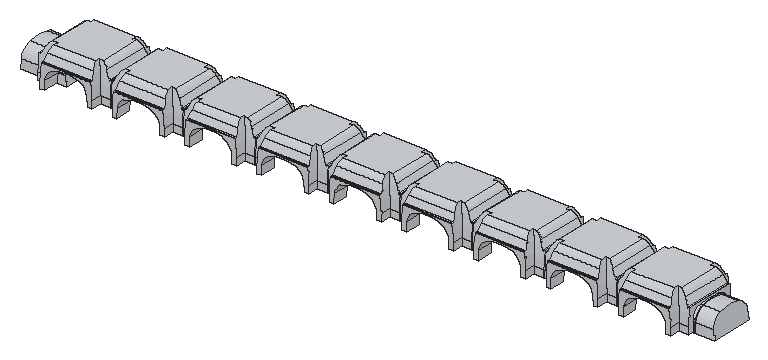
Revit family "LineaSingola_Assieme Modulblock H13-40", category Modelli generici, Revit 2016
Family settings
  Tipo di parte = Normale
  Può ospitare armatura = No
  Quota connettore circolare = Usa diametro
  Basato su piano di lavoro = No
  Sempre verticale = Sì
  Taglio con vuoti quando caricato = No
  Condiviso = Sì
  Punto di calcolo locali = No
Parameters (values of type "MODULO H25")
  Tipo_modulo = Modulo H13-H40 : EMODULO5025 - MODULO H25
  Tipo_geoblock = Geoblock Modulo H13-H70 : EMOGBLO0025 - GEOBLOCK MODULO H25
  Tipo_fermagetto = Fermagetto_Modulo : EMOFGET0025 - FERMAGETTO MODULO H25
  Scritta_MODULO [instance] = yes
  Partenza_Larghezza [instance] = if(and(Geoblock_dx, Arrivo_Larghezza > L_geoblock), ((Larghezza_Area - (N_moduli_Larghezza * L_modulo)) / 2), 0 mm)  # 150 mm
  N_moduli_Larghezza [instance] = rounddown(Larghezza_Area / L_modulo)  # 9
  Mezzo_modulo [instance] = L_modulo / 2  # 250 mm
  Larghezza_Area [instance] = 4800 mm
  L_solo_moduli [instance] = L_modulo * N_moduli_Larghezza  # 4500 mm
  L_modulo = 500 mm  # constant formula
  L_geoblock = 262 mm  # constant formula
  H_modulo = 500 mm
  Geoblock_sup [instance] = yes
  Geoblock_partenza_Larghezza [instance] = if(or(not(Geoblock_dx), Partenza_Larghezza = 0 mm), 1 > 2, 1 < 2)  # yes
  Geoblock_inf [instance] = yes
  Geoblock_sx [instance] = yes
  Geoblock_dx [instance] = yes
  Fermagetto_sx [instance] = yes
  Fermagetto_sup [instance] = yes
  Fermagetto_inf [instance] = yes
  Fermagetto_dx [instance] = yes
  Arrivo_Larghezza [instance] = Larghezza_Area - (L_modulo * N_moduli_Larghezza)  # 300 mm
Reference planes
  plane 1 "Centro (Fronte/Retro)": y = 0
  plane 2: z = 0
  plane 3 "Centro (Sinistra/Destra)": x = -300
  plane 4 "Origine Destra": x = 2100
  plane 5 "Origine Superiore": y = 250
  plane 6: y = -250
  plane 7: x = -2550
  plane 8: x = 1950
  plane 9: y = -90
  plane 10: x = 1950
  plane 11: x = 1700
  plane 12: x = 1940
  plane 13: x = -2700
  plane 14: x = -2540
  plane 15: x = 1200
Dimensions and locks
  equal spacing: plane 5 "Origine Superiore", plane 1 "Centro (Fronte/Retro)", plane 6
  "L_modulo": plane 5 "Origine Superiore" to plane 6
  "Partenza_Larghezza": plane 8 to plane 4 "Origine Destra"
  "L_solo_moduli": plane 7 to plane 10
  "Partenza_Larghezza": plane 10 to plane 4 "Origine Destra"
  "Mezzo_modulo": plane 11 to plane 10
  equal spacing: plane 7, plane 3 "Centro (Sinistra/Destra)", plane 10
  locked: plane 12 to plane 4 "Origine Destra" at 160
  "Larghezza_Area": plane 13 to plane 4 "Origine Destra"
  locked: plane 13 to plane 14 at 160
  equal spacing: group 10, group 9, group 8, group 7, group 6, group 5, group 4, group 3, group 2
  equal spacing: group 2, group 3, group 4, group 5, group 6, group 7, group 8, group 9, group 10  (x2)
  "L_modulo": plane 15 to plane 11
  aligned and locked: level to plane 2
  aligned and locked: plane 1 "Centro (Fronte/Retro)" to nested 2
  aligned and locked: plane 1 "Centro (Fronte/Retro)" to nested 4
  aligned and locked: nested 5 to plane 1 "Centro (Fronte/Retro)"
  aligned and locked: nested 3 to plane 1 "Centro (Fronte/Retro)"
  aligned and locked: plane 1 "Centro (Fronte/Retro)" to nested 6
  aligned and locked: nested 2 to plane 11
  aligned and locked: plane 7 to nested 6
  aligned and locked: plane 12 to nested 4
  aligned and locked: plane 10 to nested 5
  aligned and locked: plane 14 to nested 3
  aligned and locked: plane 1 "Centro (Fronte/Retro)" to nested 7
  aligned and locked: nested 7 to plane 15
Nested families
  nested 1: "Modulo H13-H40" at (-1750, -1750, 0), type <- "Tipo_modulo", type "EMODULO5025 - MODULO H25", not visible
  nested 2: "Modulo H13-H40" at (1700, 0, 0), type <- "Tipo_modulo", Scritta_MODULO <- "Scritta_MODULO", type "EMODULO5025 - MODULO H25"
  nested 3: "Geoblock Modulo H13-H70" at (-2540, 0, 0), type <- "Tipo_geoblock", visible <- "Geoblock_sx", type "EMOGBLO0025 - GEOBLOCK MODULO H25"
    with Ingombro_Geoblock 0 mm, Consumo_CLS 0.00 m³
  nested 4: "Geoblock Modulo H13-H70" at (1940, 0, 0), type <- "Tipo_geoblock", visible <- "Geoblock_partenza_Larghezza", type "EMOGBLO0025 - GEOBLOCK MODULO H25"
    with Ingombro_Geoblock 0 mm, Consumo_CLS 0.00 m³
  nested 5: "Fermagetto_Modulo" at (1950, 0, 0) x (0, 1, 0) z (0, 0, 1), type <- "Tipo_fermagetto", visible <- "Fermagetto_dx", type "EMOFGET0025 - FERMAGETTO MODULO H25"
  nested 6: "Fermagetto_Modulo" at (-2550, 0, 0) x (0, 1, 0) z (0, 0, 1), type <- "Tipo_fermagetto", visible <- "Fermagetto_sx", type "EMOFGET0025 - FERMAGETTO MODULO H25"
  nested 7: "Modulo H13-H40" at (1200, 0, 0), type <- "Tipo_modulo", Scritta_MODULO <- "Scritta_MODULO", type "EMODULO5025 - MODULO H25"
    with Scritta_MODULO yes
  nested 8: "Modulo H13-H40" at (700, 0, 0), type <- "Tipo_modulo", Scritta_MODULO <- "Scritta_MODULO", type "EMODULO5025 - MODULO H25"
    with Scritta_MODULO yes
  nested 9: "Modulo H13-H40" at (200, 0, 0), type <- "Tipo_modulo", Scritta_MODULO <- "Scritta_MODULO", type "EMODULO5025 - MODULO H25"
    with Scritta_MODULO yes
  nested 10: "Modulo H13-H40" at (-300, 0, 0), type <- "Tipo_modulo", Scritta_MODULO <- "Scritta_MODULO", type "EMODULO5025 - MODULO H25"
    with Scritta_MODULO yes
  nested 11: "Modulo H13-H40" at (-800, 0, 0), type <- "Tipo_modulo", Scritta_MODULO <- "Scritta_MODULO", type "EMODULO5025 - MODULO H25"
    with Scritta_MODULO yes
  nested 12: "Modulo H13-H40" at (-1300, 0, 0), type <- "Tipo_modulo", Scritta_MODULO <- "Scritta_MODULO", type "EMODULO5025 - MODULO H25"
    with Scritta_MODULO yes
  nested 13: "Modulo H13-H40" at (-1800, 0, 0), type <- "Tipo_modulo", Scritta_MODULO <- "Scritta_MODULO", type "EMODULO5025 - MODULO H25"
    with Scritta_MODULO yes
  nested 14: "Modulo H13-H40" at (-2300, 0, 0), type <- "Tipo_modulo", Scritta_MODULO <- "Scritta_MODULO", type "EMODULO5025 - MODULO H25"
    with Scritta_MODULO yes
Definition of nested family "Modulo H13-H40"
  Parameters (values of type "EMODULO5040 - MODULO H40")
    Scritta_MODULO [instance] = yes
    Peso = 1.71 kg
    Nome_etichetta = ""
    L_modulo = 500 mm  # constant formula
    L2_imballo = 107 mm
    L1_imballo = 107 mm
    H_modulo = 400 mm
    H_imballo = 230 mm
    Dettagli_basso = Dettaglio Basso modulblock H40 : EMODULO5040 - MODULO H40
    Dettagli_alto = Modulblock H40 : Modulblock H40
    Descrizione_listino = ""
    Consumo_CLS = 0.056 m³
    Codice = "EMODULO5040"
    Annotazione_etichetta = Annotazione_Testo_Modulo : H 40
  Types (9, lengths in mm): name | Peso | L2_imballo | L1_imballo | H_modulo | H_imballo | Dettagli_basso | Dettagli_alto | Consumo_CLS | Codice | Annotazione_etichetta
    EMODULO5013 - MODULO H13 | 1.12 kg | 102 | 102 | 130 | 235 | Dettaglio Basso modulblock H13 : EMODULO5013 - MODULO H13 | Modulblock H13 : Modulblock H13 | 0.028 m³ | "EMODULO5013" | Annotazione_Testo_Modulo : H 13
    EMODULO5015 - MODULO H15 | 1.08 kg | 102 | 102 | 150 | 240 | Dettaglio Basso modulblock H15 : EMODULO5015 - MODULO H15 | Modulblock H15 : Modulblock H15 | 0.03 m³ | "EMODULO5015" | Annotazione_Testo_Modulo : H 15
    EMODULO5017 - MODULO H17 | 1.30 kg | 102 | 102 | 170 | 235 | Dettaglio Basso modulblock H17 : EMODULO5017 - MODULO H17 | Modulblock H17 : Modulblock H17 | 0.035 m³ | "EMODULO5017" | Annotazione_Testo_Modulo : H 17
    EMODULO5020 - MODULO H20 | 1.32 kg | 102 | 102 | 200 | 240 | Dettaglio Basso modulblock H20 : EMODULO5020 - MODULO H20 | Modulblock H20 : Modulblock H20 | 0.037 m³ | "EMODULO5020" | Annotazione_Testo_Modulo : H 20
    EMODULO5025 - MODULO H25 | 1.34 kg | 102 | 102 | 250 | 235 | Dettaglio Basso modulblock H25 : EMODULO5025 - MODULO H25 | Modulblock H25 : Modulblock H25 | 0.038 m³ | "EMODULO5025" | Annotazione_Testo_Modulo : H 25
    EMODULO5027 - MODULO H27 | 1.38 kg | 102 | 102 | 270 | 235 | Dettaglio Basso modulblock H27 : EMODULO5027 - MODULO H27 | Modulblock H27 : Modulblock H27 | 0.04 m³ | "EMODULO5027" | Annotazione_Testo_Modulo : H 27
    EMODULO5030 - MODULO H30 | 1.49 kg | 102 | 102 | 300 | 240 | Dettaglio Basso modulblock H30 : EMODULO5030 - MODULO H30 | Modulblock H30 : Modulblock H30 | 0.044 m³ | "EMODULO5030" | Annotazione_Testo_Modulo : H 30
    EMODULO5035 - MODULO H35 | 1.54 kg | 107 | 107 | 350 | 230 | Dettaglio Basso modulblock H35 : EMODULO5035 - MODULO H35 | Modulblock H35 : Modulblock H35 | 0.052 m³ | "EMODULO5035" | Annotazione_Testo_Modulo : H 35
    EMODULO5040 - MODULO H40 | 1.71 kg | 107 | 107 | 400 | 230 | Dettaglio Basso modulblock H40 : EMODULO5040 - MODULO H40 | Modulblock H40 : Modulblock H40 | 0.056 m³ | "EMODULO5040" | Annotazione_Testo_Modulo : H 40
  Reference planes
    plane 1 "Centro (Fronte/Retro)": y = 0
    plane 2: z = 0
    plane 3 "Centro (Sinistra/Destra)": x = 0
    plane 4: x = -250
    plane 5: y = 250
    plane 6: x = 250
    plane 7: y = -250
    plane 8 "Top": z = 400
    plane 9: z = 215
    plane 10: x = -145
    plane 11: x = 145
    plane 12: z = 310
    plane 13: x = -73
    plane 14: x = 73
    plane 15: z = 295
    plane 16: x = -163
    plane 17: x = 163
    plane 18: y = -145
    plane 19: y = -73
    plane 20: y = 73
    plane 21: y = 145
    plane 22: y = -163
    plane 23: y = 163
    plane 24: through (-250, -250, 941.098) normal (0.7071, 0.7071, 0)
    plane 25: through (-952.286, 593.708, 1200) normal (0.7071, 0.7071, 0)
    plane 26: through (-143.776, -143.776, 898.609) normal (0.7071, 0.7071, 0)
    plane 27: z = 200
    plane 28: z = -400
    plane 29: through (-143.776, 143.776, 898.609) normal (0.7071, -0.7071, 0)
    plane 30: through (143.776, 143.776, 898.609) normal (-0.7071, -0.7071, 0)
    plane 31: through (143.776, -143.776, 898.609) normal (-0.7071, 0.7071, 0)
  Forms (mm)
    Extrusion 1, solid, detail levels medium+fine
      sketch origin (0, 0, 0) x (1, 0, 0) y (0, 1, 0)
        loop
          line (-250, 250) -> (-250, -250) -> (250, -250) -> (250, 250) -> (-250, 250)
      from 0 to 400
    Sweep 2, void
      path origin (0, 0, 400) x (-1, 0, 0) y (0, -1, 0)
        loop
          line (250, -250) -> (250, 250) -> (-250, 250) -> (-250, -250) -> (250, -250)
      profile origin (-250, 0, 400) x (-1, 0, 0) y (0, 0, 1)
        loop
          arc (-75.376, 0) -> (-54.376, -16.973) -> (-39.161, -39.279) r 92.672
          line (-39.161, -39.279) -> (-16.324, -86.021)
          arc (-16.324, -86.021) -> (-13.708, -88.924) -> (-9.952, -90) r 7.092
          line (-9.952, -90) -> (0, -90) -> (0, 0) -> (-75.376, 0)
    Extrusion 3, void
      sketch origin (0, 0, 0) x (1, 0, 0) y (0, 0, 1)
        loop
          line (-145, 215) -> (-163, -400) -> (163, -400) -> (145, 215)
          arc (145, 215) -> (116.112, 261.401) -> (73, 295) r 156.111
          arc (73, 295) -> (0, 304.051) -> (-73, 295) r 298.926
          arc (-73, 295) -> (-116.744, 261.969) -> (-145, 215) r 144.202
      from -250 to 250
    Extrusion 4, void
      sketch origin (0, 0, 0) x (0, 1, 0) y (0, 0, 1)
        loop
          line (-145, 215) -> (-163, -400) -> (163, -400) -> (145, 215)
          arc (145, 215) -> (124.035, 268.531) -> (73, 295) r 81.701
          arc (73, 295) -> (0, 304.051) -> (-73, 295) r 298.926
          arc (-73, 295) -> (-123.216, 267.794) -> (-145, 215) r 85.274
      from -250 to 250
    Sweep 5, void
      path origin (634.809, 634.809, 700) x (-0.707107, -0.707107, 0) y (0, 0, 1)
        loop
          arc (1101.086, -300) -> (1138.562, -396.895) -> (1151.309, -500) r 423.333
          line (1151.309, -500) -> (1151.309, -750)
      profile origin (-179.289, -179.289, 75) x (-0.707107, 0.707107, 0) y (-0.707107, -0.707107, 0)
        loop
          line (0, 0) -> (141.421, 141.421) -> (0, 282.843) -> (-141.421, 141.421) -> (0, 0)
    Sweep 6, void
      path origin (634.809, -634.809, 700) x (-0.707107, 0.707107, 0) y (0, 0, 1)
        loop
          arc (1101.086, -300) -> (1138.562, -396.895) -> (1151.309, -500) r 423.333
          line (1151.309, -500) -> (1151.309, -750)
      profile origin (-179.289, 179.289, 75) x (0.707107, 0.707107, 0) y (-0.707107, 0.707107, 0)
        loop
          line (0, 0) -> (141.421, 141.421) -> (0, 282.843) -> (-141.421, 141.421) -> (0, 0)
    Sweep 7, void
      path origin (-634.809, -634.809, 700) x (0.707107, 0.707107, 0) y (0, 0, 1)
        loop
          arc (1101.086, -300) -> (1138.562, -396.895) -> (1151.309, -500) r 423.333
          line (1151.309, -500) -> (1151.309, -750)
      profile origin (179.289, 179.289, 75) x (0.707107, -0.707107, 0) y (0.707107, 0.707107, 0)
        loop
          line (0, 0) -> (141.421, 141.421) -> (0, 282.843) -> (-141.421, 141.421) -> (0, 0)
    Sweep 8, void
      path origin (-634.809, 634.809, 700) x (0.707107, -0.707107, 0) y (0, 0, 1)
        loop
          arc (1101.086, -300) -> (1138.562, -396.895) -> (1151.309, -500) r 423.333
          line (1151.309, -500) -> (1151.309, -750)
      profile origin (179.289, -179.289, 75) x (-0.707107, -0.707107, 0) y (0.707107, -0.707107, 0)
        loop
          line (0, 0) -> (141.421, 141.421) -> (0, 282.843) -> (-141.421, 141.421) -> (0, 0)
    Extrusion 9, solid, detail levels coarse
      sketch origin (0, 0, 400) x (-1, 0, 0) y (0, -1, 0)
        loop
          line (250, -250) -> (250, 250) -> (-250, 250) -> (-250, -250) -> (250, -250)
      from -400 to 0
  Cuts and joins
    Sweep 2, Extrusion 3, Extrusion 4, Sweep 5, Sweep 6, Sweep 7, Sweep 8 cuts Extrusion 1
  Lines and regions (mm)
    reference lines
      curve 1: line (250, 250, 400) -> (-250, -250, 400)
    model lines
      curve 2: line (0, 0, -180) -> (0, 0, 520)
  Dimensions and locks
    equal spacing: plane 5, plane 1 "Centro (Fronte/Retro)", plane 7
    equal spacing: plane 4, plane 3 "Centro (Sinistra/Destra)", plane 6
    "H_modulo": plane 8 "Top" to level
    "L_modulo": plane 5 to plane 7
    "L_modulo": plane 4 to plane 6
    locked: plane 8 "Top" to plane 9 at 185
    plane 11 to plane 3 "Centro (Sinistra/Destra)" to plane 10 = 145 mm locked, 145 mm locked
    locked: plane 12 to plane 9 at 95
    locked: plane 13 to plane 10 at 72
    locked: plane 11 to plane 14 at 72
    locked: plane 15 to plane 9 at 80
    locked: plane 16 to plane 4 at 87
    locked: plane 6 to plane 17 at 87
    plane 18 to plane 1 "Centro (Fronte/Retro)" to plane 21 = 145 mm locked, 145 mm locked
    locked: plane 20 to plane 21 at 72
    locked: plane 18 to plane 19 at 72
    locked: plane 7 to plane 22 at 87
    locked: plane 23 to plane 5 at 87
    locked: plane 25 to plane 24 at 100
    locked: plane 8 "Top" to plane 27 at 200
    locked: Sweep 5 sketch curve to Sweep 5 sketch curve at 250
    locked: plane 12 to plane 28 at 710
    locked: Sweep 6 sketch curve to Sweep 6 sketch curve at 250
    locked: Sweep 7 sketch curve to Sweep 7 sketch curve at 250
    locked: Sweep 8 sketch curve to Sweep 8 sketch curve at 250
    radius of Extrusion 3 sketch curve = 298.926 mm
    radius of Extrusion 4 sketch curve = 298.926 mm
    aligned and locked: level to plane 2
    aligned and locked: Extrusion 1 sketch curve to plane 5
    aligned and locked: plane 4 to Extrusion 1 sketch curve
    aligned and locked: plane 7 to Extrusion 1 sketch curve
    aligned and locked: Extrusion 1 sketch curve to plane 6
    aligned and locked: Extrusion 1 to level
    aligned and locked: plane 8 "Top" to Extrusion 1
    aligned and locked: plane 4 to Sweep 2 sketch curve
    aligned and locked: Sweep 2 sketch curve to plane 6
    aligned and locked: Sweep 2 sketch curve to plane 5
    aligned and locked: plane 7 to Sweep 2 sketch curve
    aligned and locked: plane 10 to Extrusion 3 sketch curve
    aligned and locked: plane 9 to Extrusion 3 sketch curve  (x2)
    aligned and locked: plane 11 to Extrusion 3 sketch curve
    aligned and locked: Extrusion 3 sketch curve to plane 14
    aligned and locked: plane 15 to Extrusion 3 sketch curve  (x2)
    aligned and locked: plane 13 to Extrusion 3 sketch curve
    aligned and locked: plane 5 to Extrusion 3
    aligned and locked: Extrusion 3 to plane 7
    aligned and locked: Extrusion 4 sketch curve to plane 18
    aligned and locked: plane 9 to Extrusion 4 sketch curve  (x2)
    aligned and locked: Extrusion 4 sketch curve to plane 19
    aligned and locked: plane 15 to Extrusion 4 sketch curve  (x2)
    aligned and locked: Extrusion 4 sketch curve to plane 20
    aligned and locked: Extrusion 4 sketch curve to plane 21
    aligned and locked: Extrusion 4 to plane 4
    aligned and locked: plane 6 to Extrusion 4
    aligned and locked: plane 6 to curve 1
    aligned and locked: plane 5 to curve 1
    aligned and locked: plane 28 to Extrusion 3 sketch curve  (x2)
    aligned and locked: plane 16 to Extrusion 3 sketch curve
    aligned and locked: plane 17 to Extrusion 3 sketch curve
    aligned and locked: plane 23 to Extrusion 4 sketch curve
    aligned and locked: plane 22 to Extrusion 4 sketch curve
    aligned and locked: Extrusion 4 sketch curve to plane 28
    aligned and locked: plane 4 to curve 1
    aligned and locked: plane 24 to curve 1
    aligned and locked: plane 27 to Sweep 6 sketch curve
    aligned and locked: plane 27 to Sweep 8 sketch curve
    aligned and locked: plane 27 to Sweep 7 sketch curve
    aligned and locked: plane 3 "Centro (Sinistra/Destra)" to nested 1
    aligned and locked: plane 22 to nested 1
    aligned and locked: plane 3 "Centro (Sinistra/Destra)" to nested 2
    aligned and locked: plane 1 "Centro (Fronte/Retro)" to nested 2
    aligned and locked: Extrusion 9 to level
    aligned and locked: plane 8 "Top" to Extrusion 9
    aligned and locked: Extrusion 9 to plane 4
    aligned and locked: plane 6 to Extrusion 9
    aligned and locked: plane 5 to Extrusion 9
    aligned and locked: Extrusion 9 to plane 7
    aligned and locked: plane 3 "Centro (Sinistra/Destra)" to nested 3
    aligned and locked: plane 3 "Centro (Sinistra/Destra)" to nested 4
    aligned and locked: nested 4 to level
    aligned and locked: nested 3 to plane 8 "Top"
    aligned and locked: nested 6 to plane 1 "Centro (Fronte/Retro)"
    aligned and locked: nested 5 to plane 1 "Centro (Fronte/Retro)"
    aligned and locked: nested 5 to level
    aligned and locked: nested 6 to plane 8 "Top"
    aligned and locked: plane 1 "Centro (Fronte/Retro)" to nested 7
    aligned and locked: plane 3 "Centro (Sinistra/Destra)" to nested 7
  Automatic sketch dimensions
    Sweep 2 sketch curve to plane 8 "Top" = 0 mm
    Sweep 2 sketch curve to profile plane = 0 mm
    Sweep 2 sketch curve to Sweep 2 sketch curve = 9.952 mm
    Sweep 2 sketch curve to Sweep 2 sketch curve = 6.372 mm
    profile plane to Sweep 2 sketch curve = 39.161 mm
    Sweep 2 sketch curve to Sweep 2 sketch curve = 83.348 mm
    Sweep 2 sketch curve to plane 8 "Top" = 39.279 mm
    Sweep 2 sketch curve to plane 8 "Top" = 79.791 mm
    Sweep 2 sketch curve to Sweep 2 sketch curve = 43.629 mm
    Sweep 2 sketch curve to Sweep 2 sketch curve = 3.113 mm
    Sweep 5 sketch curve to profile plane = 0 mm  (x8)
    Sweep 5 sketch curve to profile plane = 141.421 mm  (x6)
    profile plane to Sweep 5 sketch curve = 0 mm
    curve 2 to plane 3 "Centro (Sinistra/Destra)" = 0 mm
    curve 2 to level = 180 mm
    plane 8 "Top" to curve 2 = 120 mm
    plane 13 to Extrusion 3 sketch curve = 0 mm
    plane 14 to Extrusion 3 sketch curve = 0 mm
    Extrusion 4 sketch curve to plane 15 = 0 mm  (x2)
    Sweep 5 sketch curve to plane 26 = 0 mm
    plane 26 to Sweep 5 sketch curve = 373.11 mm
    Sweep 5 sketch curve to plane 26 = 50.223 mm
    Sweep 6 sketch curve to profile plane = 0 mm  (x3)
    Sweep 6 sketch curve to profile plane = 141.421 mm  (x2)
    Sweep 6 sketch curve to plane 29 = 0 mm
    plane 29 to Sweep 6 sketch curve = 373.11 mm
    Sweep 6 sketch curve to plane 29 = 50.223 mm
    Sweep 7 sketch curve to profile plane = 0 mm  (x3)
    Sweep 7 sketch curve to profile plane = 141.421 mm  (x2)
    Sweep 7 sketch curve to plane 30 = 0 mm
    plane 30 to Sweep 7 sketch curve = 373.11 mm
    Sweep 7 sketch curve to plane 30 = 50.223 mm
    Sweep 8 sketch curve to profile plane = 0 mm  (x3)
    Sweep 8 sketch curve to profile plane = 141.421 mm  (x2)
    Sweep 8 sketch curve to plane 31 = 0 mm
    plane 31 to Sweep 8 sketch curve = 373.11 mm
    Sweep 8 sketch curve to plane 31 = 50.223 mm
    plane 27 to Sweep 5 sketch curve = 0 mm
    plane 6 to Extrusion 9 sketch curve = 0 mm
    Extrusion 9 sketch curve to plane 4 = 0 mm
    plane 5 to Extrusion 9 sketch curve = 0 mm
    Extrusion 9 sketch curve to plane 7 = 0 mm
  Nested families
    nested 1: "Annotazione_Testo_Modulo" at (0, -163, 0), type <- "Annotazione_etichetta", visible <- "Scritta_MODULO", type "H 40", detail levels coarse
    nested 2: "Dettaglio_basso_pianta" at (0, 0, 400), type "Dettaglio_basso_pianta", detail levels coarse
    nested 3: "Dettaglio Basso modulblock H40" at (0, 0, 400) x (1, 0, 0) z (0, -1, 0), type <- "Dettagli_basso", type "EMODULO5040 - MODULO H40", not visible, detail levels coarse
    nested 4: "Modulblock H40" at (0, 0, 0) x (1, 0, 0) z (0, -1, 0), type <- "Dettagli_alto", type "Modulblock H40", detail levels medium+fine
    nested 5: "Modulblock H40" at (0, 0, 0) x (0, 1, 0) z (1, 0, 0), type <- "Dettagli_alto", type "Modulblock H40", not visible, detail levels medium+fine
    nested 6: "Dettaglio Basso modulblock H40" at (0, 0, 400) x (0, 1, 0) z (1, 0, 0), type <- "Dettagli_basso", type "EMODULO5040 - MODULO H40", not visible, detail levels coarse
    nested 7: "Pianta Modulblock H40 - H13" at (0, 0, 400), type "Pianta Modulblock H40 - H13", detail levels medium+fine
  Definition of nested family "Annotazione_Testo_Modulo"
    Parameters (values of type "H 40")
      Descrizione_etichetta = "Modulo H40"
    Types (10, lengths in mm): name | Descrizione_etichetta
      (no name) | "Modulo H40"
      H 13 | "Modulo H13"
      H 15 | "Modulo H15"
      H 17 | "Modulo H17"
      H 20 | "Modulo H20"
      H 25 | "Modulo H25"
      H 27 | "Modulo H27"
      H 30 | "Modulo H30"
      H 35 | "Modulo H35"
      H 40 | "Modulo H40"
    Reference planes
      plane 1: y = 0
      plane 2: x = 0
    Text (mm)
      label "Descrizione_etichetta" at (0, -1.213, 0), shows "Descrizione_etichetta"
  Definition of nested family "Dettaglio_basso_pianta"
    Parameters (values of type "Dettaglio_basso_pianta")
      L_modulo = 500 mm
    Reference planes
      plane 1 "Centro (Fronte/Retro)": y = 0
      plane 2: z = 0
      plane 3 "Centro (Sinistra/Destra)": x = 0
      plane 4: x = -250
      plane 5: x = 250
      plane 6: y = 250
      plane 7: y = -250
      plane 8: y = 150
      plane 9: y = -150
      plane 10: x = -150
      plane 11: x = 150
    Lines and regions (mm)
      detail lines, in view "Livello rif."
        curve 1: line (-250, 250, 0) -> (250, 250, 0)
        curve 2: line (-250, -250, 0) -> (-250, 250, 0)
        curve 3: line (250, -250, 0) -> (-250, -250, 0)
        curve 4: line (250, 250, 0) -> (250, -250, 0)
        curve 5: line (-150, 150, 0) -> (150, -150, 0)
        curve 6: line (150, 150, 0) -> (-150, -150, 0)
    Text (mm)
      text "Modulo H13" at (-108.715, -113.258, 0), in view "Livello rif."
    Dimensions and locks
      equal spacing: plane 6, plane 1 "Centro (Fronte/Retro)", plane 7
      equal spacing: plane 4, plane 3 "Centro (Sinistra/Destra)", plane 5
      "L_modulo": plane 6 to plane 7
      "L_modulo": plane 4 to plane 5
      locked: plane 6 to plane 8 at 100
      locked: plane 9 to plane 7 at 100
      locked: plane 11 to plane 5 at 100
      locked: plane 4 to plane 10 at 100
      aligned and locked: curve 1 to plane 6
      aligned and locked: plane 4 to curve 2
      aligned and locked: plane 7 to curve 3
      aligned and locked: curve 4 to plane 5
      aligned and locked: plane 9 to curve 6
      aligned and locked: plane 10 to curve 6
      aligned and locked: plane 10 to curve 5
      aligned and locked: plane 8 to curve 5
      aligned and locked: plane 8 to curve 6
      aligned and locked: plane 11 to curve 6
      aligned and locked: plane 11 to curve 5
      aligned and locked: plane 9 to curve 5
  Definition of nested family "Dettaglio Basso modulblock H40"
    Reference planes
      plane 1 "Centro (Fronte/Retro)": y = 0
      plane 2: z = 0
      plane 3 "Centro (Sinistra/Destra)": x = 0
    Lines and regions (mm)
      detail lines, in view "Livello rif."
        curve 1: line (250.197, -53.042, 0) -> (250.197, 0, 0)
        curve 2: line (-250.197, -53.042, 0) -> (-250.197, 0, 0)
        curve 3: line (-250.197, 0, 0) -> (250.197, 0, 0)
        curve 4: line (-250.197, -53.042, 0) -> (-250.197, -400, 0)
        curve 5: line (-250.197, -400, 0) -> (-158.887, -400, 0)
        curve 6: line (250.197, -400, 0) -> (250.197, -53.042, 0)
        curve 7: line (250.197, -400, 0) -> (158.886, -400, 0)
        curve 8: line (158.886, -400, 0) -> (140.921, -235.594, 0)
        curve 9: line (140.921, -235.594, 0) -> (130.226, -137.709, 0)
        curve 10: arc (130.226, -137.709, 0) -> (105.448, -88.665, 0) -> (57.675, -61.518, 0) r 95.084
        curve 11: arc (57.675, -61.518, 0) -> (-0.004, -55.041, 0) -> (-57.684, -61.518, 0) r 260.085
        curve 12: arc (-57.684, -61.518, 0) -> (-105.454, -88.665, 0) -> (-130.226, -137.71, 0) r 95.071
        curve 13: line (-130.226, -137.71, 0) -> (-140.921, -235.594, 0)
        curve 14: line (-140.921, -235.594, 0) -> (-158.887, -400, 0)
  Definition of nested family "Modulblock H40"
    Reference planes
      plane 1 "Centro (Fronte/Retro)": y = 0
      plane 2: z = 0
      plane 3 "Centro (Sinistra/Destra)": x = 0
    Lines and regions (mm)
      model lines, in view "Livello rif."
        curve 1: line (-182.31, 2, 0) -> (-182.31, 0, 0)
        curve 2: line (-182.31, 0, 0) -> (-168.882, 0, 0)
        curve 3: line (-168.882, 0, 0) -> (-165.361, 0, 0)
        curve 4: line (182.314, 2, 0) -> (182.314, 0, 0)
        curve 5: line (182.314, 0, 0) -> (168.886, 0, 0)
        curve 6: line (168.886, 0, 0) -> (165.365, 0, 0)
        curve 7: line (-57.626, 338.22, 0) -> (-130.121, 262.085, 0)
        curve 8: line (130.126, 262.086, 0) -> (57.632, 338.218, 0)
        curve 9: line (133.082, 262.608, 0) -> (58.297, 341.146, 0)
        curve 10: line (-58.292, 341.147, 0) -> (-133.078, 262.607, 0)
        curve 11: line (153.255, 334.829, 0) -> (165.044, 280.276, 0)
        curve 12: line (127.246, 396.277, 0) -> (130.126, 399.684, 0)
        curve 13: line (-150.829, 340.611, 0) -> (-165.058, 279.922, 0)
        curve 14: line (-189.05, 396.89, 0) -> (-182.594, 395.698, 0)
        curve 15: line (-183.705, 399.687, 0) -> (-189.05, 396.89, 0)
        curve 16: line (-182.594, 395.698, 0) -> (-183.705, 399.687, 0)
        curve 17: line (-220.248, 267.691, 0) -> (-182.594, 395.698, 0)
        curve 18: line (-189.05, 396.89, 0) -> (-226.999, 267.665, 0)
        curve 19: line (-182.594, 395.698, 0) -> (-128.118, 396.276, 0)
        curve 20: line (-63.803, 365.188, 0) -> (-63.437, 368.892, 0)
        curve 21: line (-229.742, 366.312, 0) -> (-225.61, 365.358, 0)
        curve 22: line (-81.905, 368.135, 0) -> (-78.487, 370.817, 0)
        curve 23: line (-87.646, 364.251, 0) -> (-81.905, 368.135, 0)
        curve 24: line (-89.455, 396.799, 0) -> (-79.603, 392.106, 0)
        curve 25: line (-87.592, 399.687, 0) -> (-89.455, 396.799, 0)
        curve 26: line (-162.721, 267.706, 0) -> (-119.565, 396.707, 0)
        curve 27: line (-166.436, 267.658, 0) -> (-162.733, 267.707, 0)
        curve 28: line (-147.999, 348.172, 0) -> (-164.591, 283.438, 0)
        curve 29: line (-119.565, 396.707, 0) -> (-116.499, 399.687, 0)
        curve 30: line (-123.181, 396.086, 0) -> (-119.565, 396.707, 0)
        curve 31: line (-62.598, 360.12, 0) -> (-152.241, 265.982, 0)
        curve 32: line (62.938, 361.579, 0) -> (153.719, 266.24, 0)
        curve 33: line (166.426, 267.752, 0) -> (162.725, 267.706, 0)
        curve 34: line (63.812, 365.188, 0) -> (63.41, 368.893, 0)
        curve 35: line (38.613, 369.755, 0) -> (38.827, 365.976, 0)
        curve 36: line (-38.814, 365.978, 0) -> (-38.6, 369.755, 0)
        curve 37: line (-153.714, 266.241, 0) -> (-62.93, 361.581, 0)
        curve 38: line (-256.931, 263.123, 0) -> (-243.072, 263.123, 0)
        curve 39: line (136.53, 263.209, 0) -> (59.071, 344.558, 0)
        curve 40: line (-59.064, 344.56, 0) -> (-136.525, 263.21, 0)
        curve 41: line (62.606, 360.118, 0) -> (152.247, 265.969, 0)
        curve 42: line (127.246, 396.277, 0) -> (186.786, 395.632, 0)
        curve 43: line (186.786, 395.632, 0) -> (193.224, 396.825, 0)
        curve 44: line (187.805, 399.684, 0) -> (186.786, 395.632, 0)
        curve 45: line (193.224, 396.825, 0) -> (187.806, 399.687, 0)
        curve 46: line (164.532, 283.962, 0) -> (147.656, 349.07, 0)
        curve 47: line (119.464, 396.835, 0) -> (162.733, 267.706, 0)
        curve 48: line (78.486, 370.8, 0) -> (81.864, 368.138, 0)
        curve 49: line (81.864, 368.138, 0) -> (87.67, 364.229, 0)
        curve 50: line (89.408, 396.819, 0) -> (87.592, 399.687, 0)
        curve 51: line (80.98, 394.873, 0) -> (89.408, 396.819, 0)
        curve 52: line (119.464, 396.835, 0) -> (123.285, 396.087, 0)
        curve 53: line (116.634, 399.687, 0) -> (119.464, 396.835, 0)
        curve 54: arc (147.657, 349.065, 0) -> (136.714, 373.221, 0) -> (123.283, 396.089, 0) r 251.113
        curve 55: arc (-201.658, 397.091, 0) -> (-213.94, 382.468, 0) -> (-224.907, 366.837, 0) r 220.09
        curve 56: arc (-201.549, 396.895, 0) -> (-214.292, 381.67, 0) -> (-225.61, 365.358, 0) r 219.892
        curve 57: arc (-123.181, 396.086, 0) -> (-136.827, 372.77, 0) -> (-147.999, 348.172, 0) r 261.886
        curve 58: arc (-89.455, 396.799, 0) -> (-88.577, 380.523, 0) -> (-87.646, 364.251, 0) r 5014.475
        curve 59: arc (-164.591, 283.438, 0) -> (-165.593, 275.557, 0) -> (-166.436, 267.658, 0) r 393.359
        curve 60: arc (-220.248, 267.691, 0) -> (-223.624, 267.789, 0) -> (-226.999, 267.665, 0) r 51.381
        curve 61: arc (-226.999, 267.665, 0) -> (-230.302, 266.888, 0) -> (-233.572, 265.98, 0) r 85.746
        curve 62: arc (-153.714, 266.241, 0) -> (-158.213, 267.004, 0) -> (-162.721, 267.706, 0) r 339.91
        curve 63: arc (-123.464, 324.614, 0) -> (-130.489, 316.082, 0) -> (-136.681, 306.928, 0) r 117.4
        curve 64: arc (-220.666, 373.229, 0) -> (-224.518, 372.279, 0) -> (-228.367, 371.313, 0) r 934.01
        curve 65: arc (-223.907, 368.024, 0) -> (-224.932, 366.802, 0) -> (-225.61, 365.358, 0) r 6.182
        curve 66: arc (-224.894, 369.935, 0) -> (-227.674, 368.6, 0) -> (-229.742, 366.312, 0) r 7.993
        curve 67: arc (-228.367, 371.313, 0) -> (-226.636, 370.609, 0) -> (-224.894, 369.935, 0) r 107.427
        curve 68: arc (-233.325, 367.568, 0) -> (-231.542, 366.916, 0) -> (-229.742, 366.312, 0) r 70.996
        curve 69: arc (-228.367, 371.313, 0) -> (-231.224, 369.942, 0) -> (-233.325, 367.568, 0) r 8
        curve 70: arc (-229.742, 366.312, 0) -> (-231.687, 363.234, 0) -> (-233.572, 360.118, 0) r 188.51
        curve 71: arc (-256.928, 350.687, 0) -> (-250, 346.687, 0) -> (-243.072, 350.687, 0) r 8
        curve 72: arc (-256.928, 344.073, 0) -> (-250, 340.172, 0) -> (-243.072, 344.073, 0) r 8.103
        curve 73: arc (-224.894, 369.935, 0) -> (-224.066, 369.654, 0) -> (-223.219, 369.439, 0) r 11.177
        curve 74: arc (166.426, 267.752, 0) -> (165.59, 275.652, 0) -> (164.591, 283.533, 0) r 385.828
        curve 75: arc (162.733, 267.706, 0) -> (158.221, 267.003, 0) -> (153.719, 266.24, 0) r 339.886
        curve 76: arc (13.14, 366.834, 0) -> (-0.4, 367.142, 0) -> (-13.94, 366.797, 0) r 281.205
        curve 77: arc (38.613, 369.755, 0) -> (0.006, 370.265, 0) -> (-38.6, 369.755, 0) r 1462.527
        curve 78: arc (57.632, 338.218, 0) -> (0.003, 344.687, 0) -> (-57.626, 338.219, 0) r 259.971
        curve 79: arc (58.298, 341.145, 0) -> (0.004, 347.687, 0) -> (-58.29, 341.147, 0) r 263.052
        curve 80: arc (59.071, 344.558, 0) -> (0.004, 351.187, 0) -> (-59.064, 344.56, 0) r 266.513
        curve 81: arc (62.608, 360.116, 0) -> (0.005, 367.141, 0) -> (-62.597, 360.118, 0) r 282.505
        curve 82: arc (-81.905, 368.135, 0) -> (-72.67, 368.499, 0) -> (-63.437, 368.892, 0) r 2949.625
        curve 83: arc (-38.6, 369.755, 0) -> (-51.02, 369.374, 0) -> (-63.437, 368.892, 0) r 1517.077
        curve 84: arc (-38.814, 365.978, 0) -> (-51.31, 365.628, 0) -> (-63.803, 365.188, 0) r 1724.641
        curve 85: arc (-62.664, 360.103, 0) -> (-66.937, 359.059, 0) -> (-71.164, 357.844, 0) r 109.864
        curve 86: arc (-87.646, 364.251, 0) -> (-75.724, 364.688, 0) -> (-63.803, 365.188, 0) r 2242.64
        curve 87: arc (-62.93, 361.581, 0) -> (-63.354, 363.387, 0) -> (-63.803, 365.188, 0) r 130.745
        curve 88: arc (-38.814, 365.978, 0) -> (-50.92, 364.042, 0) -> (-62.93, 361.581, 0) r 281.712
        curve 89: arc (-20.974, 366.361, 0) -> (-29.895, 366.197, 0) -> (-38.814, 365.978, 0) r 1439.047
        curve 90: arc (-89.472, 350.443, 0) -> (-102.18, 343.004, 0) -> (-113.855, 334.03, 0) r 117.241
        curve 91: arc (63.41, 368.893, 0) -> (72.636, 368.503, 0) -> (81.864, 368.138, 0) r 3620.628
        curve 92: arc (63.812, 365.188, 0) -> (51.321, 365.627, 0) -> (38.827, 365.976, 0) r 1742.932
        curve 93: arc (63.41, 368.893, 0) -> (51.013, 369.375, 0) -> (38.613, 369.755, 0) r 1513.591
        curve 94: arc (63.812, 365.188, 0) -> (63.362, 363.387, 0) -> (62.938, 361.579, 0) r 130.983
        curve 95: arc (62.938, 361.579, 0) -> (50.93, 364.04, 0) -> (38.827, 365.976, 0) r 281.756
        curve 96: arc (63.812, 365.188, 0) -> (75.74, 364.686, 0) -> (87.67, 364.229, 0) r 3174.547
        curve 97: arc (38.827, 365.976, 0) -> (29.903, 366.197, 0) -> (20.978, 366.361, 0) r 1369.951
        curve 98: arc (62.508, 360.138, 0) -> (45.593, 363.442, 0) -> (28.506, 365.7, 0) r 280.093
        curve 99: arc (-116.499, 399.687, 0) -> (-120.295, 398.73, 0) -> (-123.181, 396.086, 0) r 8
        curve 100: arc (-116.499, 399.687, 0) -> (-120.286, 398.713, 0) -> (-123.181, 396.086, 0) r 8.139
        curve 101: arc (-195.759, 399.687, 0) -> (-198.981, 399.01, 0) -> (-201.658, 397.091, 0) r 8
        curve 102: arc (-195.759, 399.687, 0) -> (-198.969, 398.944, 0) -> (-201.549, 396.895, 0) r 7.486
        curve 103: arc (-1.736, 399.119, 0) -> (-8.999, 399.302, 0) -> (-16.263, 399.373, 0) r 464.914
        curve 104: arc (-1.736, 399.119, 0) -> (-8.735, 398.808, 0) -> (-15.728, 398.392, 0) r 465.777
        curve 105: arc (0, 399.058, 0) -> (-7.706, 398.71, 0) -> (-15.405, 398.234, 0) r 465.805
        curve 106: arc (0, 399.179, 0) -> (-7.262, 399.363, 0) -> (-14.527, 399.433, 0) r 464.944
        curve 107: arc (0, 399.688, 0) -> (-7.264, 399.617, 0) -> (-14.527, 399.433, 0) r 465.072
        curve 108: arc (-1.737, 399.688, 0) -> (-9.001, 399.617, 0) -> (-16.263, 399.433, 0) r 465.071
        curve 109: arc (-17.748, 399.449, 0) -> (-9.177, 395.958, 0) -> (0, 394.77, 0) r 35.975
        curve 110: arc (-23.057, 399.336, 0) -> (-27.792, 399.251, 0) -> (-32.527, 399.119, 0) r 464.983
        curve 111: arc (-19.368, 399.417, 0) -> (-25.08, 399.333, 0) -> (-30.79, 399.179, 0) r 464.984
        curve 112: arc (-34.302, 399.056, 0) -> (-38.788, 398.869, 0) -> (-43.272, 398.638, 0) r 465.554
        curve 113: arc (-79.603, 392.106, 0) -> (-82.08, 397.486, 0) -> (-87.58, 399.687, 0) r 8
        curve 114: arc (-32.527, 399.119, 0) -> (-36.394, 398.96, 0) -> (-40.26, 398.769, 0) r 465.538
        curve 115: arc (-17.748, 399.449, 0) -> (-49.393, 398.343, 0) -> (-80.986, 396.2, 0) r 965.032
        curve 116: arc (87.592, 399.687, 0) -> (86.761, 399.644, 0) -> (85.939, 399.515, 0) r 8
        curve 117: arc (85.678, 399.455, 0) -> (84.413, 399.029, 0) -> (83.236, 398.397, 0) r 8
        curve 118: arc (83.236, 398.397, 0) -> (82.339, 397.721, 0) -> (81.546, 396.926, 0) r 7.999
        curve 119: arc (81.433, 396.793, 0) -> (80.14, 394.597, 0) -> (79.603, 392.106, 0) r 8
        curve 120: arc (87.565, 399.687, 0) -> (82.075, 397.482, 0) -> (79.603, 392.106, 0) r 7.998
        curve 121: arc (80.98, 394.873, 0) -> (80.023, 393.623, 0) -> (79.603, 392.106, 0) r 4.136
        curve 122: arc (80.986, 396.2, 0) -> (76.262, 396.587, 0) -> (71.537, 396.95, 0) r 970.052
        curve 123: arc (32.541, 399.118, 0) -> (27.803, 399.251, 0) -> (23.064, 399.336, 0) r 464.983
        curve 124: arc (30.821, 399.178, 0) -> (25.096, 399.333, 0) -> (19.371, 399.417, 0) r 464.984
        curve 125: arc (2.169, 394.835, 0) -> (3.203, 394.913, 0) -> (4.233, 395.02, 0) r 36.058
        curve 126: arc (15.408, 398.234, 0) -> (7.708, 398.71, 0) -> (0, 399.058, 0) r 465.804
        curve 127: arc (15.737, 398.391, 0) -> (8.739, 398.808, 0) -> (1.737, 399.119, 0) r 465.776
        curve 128: arc (16.264, 399.373, 0) -> (8.999, 399.302, 0) -> (1.737, 399.119, 0) r 464.914
        curve 129: arc (14.527, 399.433, 0) -> (7.263, 399.363, 0) -> (0, 399.179, 0) r 464.945
        curve 130: arc (14.527, 399.433, 0) -> (7.264, 399.617, 0) -> (0, 399.688, 0) r 465.071
        curve 131: arc (16.263, 399.433, 0) -> (9.001, 399.617, 0) -> (1.737, 399.688, 0) r 465.071
        curve 132: arc (0, 394.77, 0) -> (9.177, 395.959, 0) -> (17.748, 399.449, 0) r 35.984
        curve 133: arc (40.247, 398.77, 0) -> (36.381, 398.96, 0) -> (32.513, 399.119, 0) r 465.538
        curve 134: arc (43.259, 398.639, 0) -> (38.763, 398.87, 0) -> (34.264, 399.058, 0) r 465.553
        curve 135: arc (71.537, 396.95, 0) -> (44.66, 398.575, 0) -> (17.748, 399.449, 0) r 964.255
        curve 136: arc (123.278, 396.098, 0) -> (120.393, 398.733, 0) -> (116.603, 399.687, 0) r 8
        curve 137: arc (205.842, 397.014, 0) -> (203.039, 399.034, 0) -> (199.645, 399.684, 0) r 8
        curve 138: arc (205.732, 396.825, 0) -> (203.13, 398.925, 0) -> (199.873, 399.687, 0) r 7.511
        curve 139: line (-168.201, 132.374, 0) -> (-162.721, 267.706, 0)
        curve 140: line (-166.436, 267.658, 0) -> (-182.31, 2, 0)
        curve 141: line (-226.571, 38.176, 0) -> (-220.248, 267.691, 0)
        curve 142: line (-233.575, 38.115, 0) -> (-226.571, 38.176, 0)
        curve 143: line (-166.439, 167.971, 0) -> (-162.731, 168.02, 0)
        curve 144: line (-256.931, 163.435, 0) -> (-243.075, 163.435, 0)
        curve 145: arc (-233.575, 38.115, 0) -> (-228.61, 152.842, 0) -> (-226.999, 267.665, 0) r 3929.814
        curve 146: arc (-220.25, 168.003, 0) -> (-223.627, 168.102, 0) -> (-227.002, 167.978, 0) r 51.381
        curve 147: arc (-227.002, 167.978, 0) -> (-230.305, 167.2, 0) -> (-233.575, 166.293, 0) r 85.746
        curve 148: arc (-153.717, 166.553, 0) -> (-158.219, 167.317, 0) -> (-162.731, 168.02, 0) r 339.91
        curve 149: line (-127.298, 399.687, 0) -> (-196.629, 2, 0)
        curve 150: line (166.44, 267.658, 0) -> (182.314, 2, 0)
        curve 151: line (168.205, 132.374, 0) -> (162.725, 267.706, 0)
        curve 152: line (127.303, 399.684, 0) -> (196.633, 2, 0)
        curve 153: line (166.443, 167.971, 0) -> (162.735, 168.02, 0)
        curve 154: arc (162.735, 168.02, 0) -> (158.223, 167.317, 0) -> (153.721, 166.553, 0) r 339.91
        curve 155: line (226.575, 38.176, 0) -> (220.251, 267.691, 0)
        curve 156: line (256.932, 163.435, 0) -> (243.078, 163.435, 0)
        curve 157: line (233.578, 38.115, 0) -> (226.575, 38.176, 0)
        curve 158: line (256.932, 263.123, 0) -> (243.078, 263.123, 0)
        curve 159: line (229.745, 366.312, 0) -> (225.614, 365.358, 0)
        curve 160: arc (227.003, 267.665, 0) -> (228.614, 152.842, 0) -> (233.578, 38.115, 0) r 3929.814
        curve 161: arc (233.578, 166.293, 0) -> (230.309, 167.2, 0) -> (227.006, 167.978, 0) r 85.746
        curve 162: arc (227.006, 167.978, 0) -> (223.631, 168.102, 0) -> (220.254, 168.003, 0) r 51.381
        curve 163: arc (233.578, 265.979, 0) -> (230.308, 266.887, 0) -> (227.003, 267.665, 0) r 85.746
        curve 164: arc (227.003, 267.665, 0) -> (223.628, 267.789, 0) -> (220.251, 267.691, 0) r 51.381
        curve 165: arc (223.223, 369.439, 0) -> (224.07, 369.654, 0) -> (224.898, 369.935, 0) r 11.177
        curve 166: arc (243.076, 344.073, 0) -> (250.004, 340.172, 0) -> (256.932, 344.073, 0) r 8.103
        curve 167: arc (243.076, 350.687, 0) -> (250.004, 346.687, 0) -> (256.932, 350.687, 0) r 8
        curve 168: arc (233.578, 360.113, 0) -> (231.692, 363.231, 0) -> (229.745, 366.312, 0) r 188.51
        curve 169: arc (233.329, 367.568, 0) -> (231.242, 369.931, 0) -> (228.404, 371.305, 0) r 8
        curve 170: arc (229.745, 366.312, 0) -> (231.546, 366.916, 0) -> (233.329, 367.568, 0) r 70.996
        curve 171: arc (224.898, 369.935, 0) -> (226.64, 370.609, 0) -> (228.371, 371.313, 0) r 107.427
        curve 172: arc (229.745, 366.312, 0) -> (227.678, 368.6, 0) -> (224.898, 369.935, 0) r 7.993
        curve 173: arc (225.614, 365.358, 0) -> (224.935, 366.802, 0) -> (223.911, 368.024, 0) r 6.182
        curve 174: arc (228.404, 371.305, 0) -> (224.539, 372.275, 0) -> (220.67, 373.229, 0) r 934.01
        curve 175: line (220.251, 267.691, 0) -> (182.598, 395.698, 0)
        curve 176: line (189.054, 396.89, 0) -> (227.003, 267.665, 0)
        curve 177: arc (225.614, 365.358, 0) -> (214.296, 381.67, 0) -> (201.553, 396.895, 0) r 219.892
        curve 178: arc (224.911, 366.837, 0) -> (213.944, 382.468, 0) -> (201.662, 397.091, 0) r 220.09
        curve 179: line (79.603, 392.106, 0) -> (78.486, 370.8, 0)
        curve 180: line (-78.487, 370.817, 0) -> (-79.603, 392.106, 0)
        curve 181: line (87.67, 364.229, 0) -> (89.408, 396.819, 0)
        curve 182: line (89.408, 396.819, 0) -> (119.464, 396.819, 0)
        curve 183: line (-256.928, 263.123, 0) -> (-266.428, 265.98, 0)
        curve 184: line (-266.428, 265.98, 0) -> (-266.428, 360.118, 0)
        curve 185: line (-266.428, 360.118, 0) -> (-266.428, 367.141, 0)
        curve 186: line (-250.003, 0, 0) -> (-256.931, 0, 0)
        curve 187: line (-256.931, 0, 0) -> (-256.931, 263.123, 0)
        curve 188: line (-256.931, 263.123, 0) -> (-256.931, 344.073, 0)
        curve 189: line (-256.931, 344.073, 0) -> (-266.428, 360.118, 0)
        curve 190: line (-266.428, 360.118, 0) -> (-268.738, 360.118, 0)
        curve 191: line (-268.738, 360.118, 0) -> (-268.738, 265.98, 0)
        curve 192: line (-268.738, 265.98, 0) -> (-268.738, 303.269, 0)
        curve 193: line (-235.25, 2, 0) -> (-233.575, 38.115, 0)
        curve 194: line (-233.575, 38.115, 0) -> (-233.575, 265.98, 0)
        curve 195: line (-233.575, 265.98, 0) -> (-243.072, 263.123, 0)
        curve 196: line (-243.072, 263.123, 0) -> (-243.072, 344.073, 0)
        curve 197: line (-243.072, 344.073, 0) -> (-243.072, 350.687, 0)
        curve 198: line (-243.072, 350.687, 0) -> (-233.572, 367.141, 0)
        curve 199: line (-233.572, 367.141, 0) -> (-233.572, 360.118, 0)
        curve 200: line (-233.572, 360.118, 0) -> (-233.572, 265.98, 0)
        curve 201: line (-135.048, 262.949, 0) -> (-130.122, 262.085, 0)
        curve 202: line (-130.122, 262.085, 0) -> (-158.761, 0.001, 0)
        curve 203: line (-158.761, 0.001, 0) -> (-161.808, 0.001, 0)
        curve 204: line (-161.808, 0.001, 0) -> (-165.361, 0.001, 0)
        curve 205: line (-165.361, 0.001, 0) -> (-133.079, 262.604, 0)
        curve 206: line (-133.078, 262.607, 0) -> (-136.525, 263.21, 0)
        curve 207: line (-136.525, 263.21, 0) -> (-152.241, 265.982, 0)
        curve 208: line (-152.241, 265.982, 0) -> (-182.31, 2, 0)
        curve 209: line (-268.738, 360.118, 0) -> (-268.738, 367.141, 0)
        curve 210: line (-268.738, 367.141, 0) -> (-266.428, 367.141, 0)
        curve 211: line (-266.428, 367.141, 0) -> (-256.928, 350.687, 0)
        curve 212: line (-256.928, 344.073, 0) -> (-256.928, 350.687, 0)
        curve 213: line (-243.072, 344.073, 0) -> (-233.572, 360.118, 0)
        curve 214: line (-153.264, 334.77, 0) -> (-147.999, 348.172, 0)
        curve 215: line (-58.732, 343.097, 0) -> (-57.626, 338.22, 0)
        curve 216: line (-62.93, 361.581, 0) -> (-62.597, 360.118, 0)
        curve 217: line (-62.598, 360.12, 0) -> (-59.064, 344.56, 0)
        curve 218: line (-59.064, 344.56, 0) -> (-58.292, 341.147, 0)
        curve 219: line (57.632, 338.218, 0) -> (58.297, 341.146, 0)
        curve 220: line (58.297, 341.146, 0) -> (59.071, 344.558, 0)
        curve 221: line (59.071, 344.558, 0) -> (62.606, 360.118, 0)
        curve 222: line (62.606, 360.118, 0) -> (62.938, 361.579, 0)
        curve 223: line (147.657, 349.065, 0) -> (147.37, 349.793, 0)
        curve 224: line (147.076, 350.544, 0) -> (153.255, 334.829, 0)
        curve 225: line (-119.565, 396.707, 0) -> (-89.455, 396.799, 0)
        curve 226: line (-128.118, 396.276, 0) -> (-123.181, 396.086, 0)
        curve 227: line (-201.549, 396.895, 0) -> (-189.05, 396.895, 0)
        curve 228: line (-15.291, 398.178, 0) -> (-16.28, 398.661, 0)
        curve 229: line (-16.263, 399.373, 0) -> (-17.527, 399.324, 0)
        curve 230: line (-17.712, 399.428, 0) -> (-16.263, 399.433, 0)
        curve 231: line (-195.759, 399.687, 0) -> (-183.705, 399.687, 0)
        curve 232: line (-183.705, 399.687, 0) -> (-129.205, 399.687, 0)
        curve 233: line (-129.205, 399.687, 0) -> (-116.499, 399.687, 0)
        curve 234: line (-116.499, 399.687, 0) -> (-87.592, 399.687, 0)
        curve 235: line (-34.302, 399.056, 0) -> (-30.791, 399.179, 0)
        curve 236: line (30.821, 399.178, 0) -> (34.264, 399.058, 0)
        curve 237: line (17.712, 399.428, 0) -> (16.263, 399.433, 0)
        curve 238: line (9.65, 396.087, 0) -> (10.805, 396.429, 0)
        curve 239: line (16.264, 399.373, 0) -> (17.527, 399.324, 0)
        curve 240: line (-1.737, 399.688, 0) -> (1.737, 399.688, 0)
        curve 241: line (0, 394.77, 0) -> (0, 399.058, 0)
        curve 242: line (193.224, 396.825, 0) -> (205.732, 396.825, 0)
        curve 243: line (87.592, 399.687, 0) -> (116.603, 399.687, 0)
        curve 244: line (116.831, 399.684, 0) -> (130.126, 399.684, 0)
        curve 245: line (130.126, 399.684, 0) -> (132.988, 399.684, 0)
        curve 246: line (132.988, 399.684, 0) -> (187.805, 399.684, 0)
        curve 247: line (187.805, 399.684, 0) -> (199.645, 399.684, 0)
        curve 248: line (123.285, 396.087, 0) -> (127.246, 396.277, 0)
        curve 249: line (-243.075, 2, 0) -> (-243.075, 263.123, 0)
        curve 250: line (-256.931, 0, 0) -> (-266.431, 0, 0)
        curve 251: line (-266.431, 0, 0) -> (-266.431, 265.98, 0)
        curve 252: line (-266.431, 265.98, 0) -> (-268.738, 265.98, 0)
        curve 253: line (-268.738, 265.98, 0) -> (-268.738, 166.293, 0)
        curve 254: line (-268.738, 166.293, 0) -> (-268.738, 0, 0)
        curve 255: line (-268.738, 0, 0) -> (-266.431, 0, 0)
        curve 256: line (-182.31, 0, 0) -> (-250.003, 0, 0)
        curve 257: line (-250.003, 0, 0) -> (-250.003, 2, 0)
        curve 258: line (-250.003, 2, 0) -> (-182.31, 2, 0)
        curve 259: line (-182.31, 2, 0) -> (-153.714, 266.241, 0)
        curve 260: line (-228.282, 2, 0) -> (-226.571, 38.176, 0)
        curve 261: line (-268.738, 166.293, 0) -> (-266.431, 166.293, 0)
        curve 262: line (-266.431, 166.293, 0) -> (-256.931, 163.435, 0)
        curve 263: line (-243.075, 163.435, 0) -> (-233.575, 166.293, 0)
        curve 264: line (-140.81, 164.278, 0) -> (-152.244, 166.294, 0)
        curve 265: line (-152.244, 166.294, 0) -> (-153.717, 166.553, 0)
        curve 266: line (-168.882, 0, 0) -> (-136.525, 263.21, 0)
        curve 267: line (168.886, 0, 0) -> (136.53, 263.209, 0)
        curve 268: line (136.53, 263.209, 0) -> (152.238, 265.978, 0)
        curve 269: line (152.238, 265.978, 0) -> (153.718, 266.243, 0)
        curve 270: line (153.718, 266.243, 0) -> (182.314, 2, 0)
        curve 271: line (182.314, 2, 0) -> (152.247, 265.969, 0)
        curve 272: line (136.53, 263.209, 0) -> (133.084, 262.604, 0)
        curve 273: line (133.084, 262.604, 0) -> (130.126, 262.086, 0)
        curve 274: line (130.126, 262.086, 0) -> (158.764, 0, 0)
        curve 275: line (158.764, 0, 0) -> (161.811, 0, 0)
        curve 276: line (161.811, 0, 0) -> (165.365, 0, 0)
        curve 277: line (165.365, 0, 0) -> (133.082, 262.608, 0)
        curve 278: line (153.721, 166.553, 0) -> (152.248, 166.295, 0)
        curve 279: line (152.248, 166.295, 0) -> (140.813, 164.278, 0)
        curve 280: line (182.314, 0, 0) -> (250.007, 0, 0)
        curve 281: line (250.007, 0, 0) -> (250.007, 2, 0)
        curve 282: line (250.007, 2, 0) -> (182.314, 2, 0)
        curve 283: line (243.078, 2, 0) -> (243.078, 263.123, 0)
        curve 284: line (243.078, 263.123, 0) -> (243.078, 344.073, 0)
        curve 285: line (243.078, 344.073, 0) -> (233.576, 360.118, 0)
        curve 286: line (235.254, 2, 0) -> (233.578, 38.115, 0)
        curve 287: line (233.578, 38.115, 0) -> (233.578, 265.979, 0)
        curve 288: line (233.578, 265.979, 0) -> (233.578, 360.113, 0)
        curve 289: line (233.578, 360.113, 0) -> (233.578, 367.136, 0)
        curve 290: line (268.745, 303.269, 0) -> (268.745, 265.981, 0)
        curve 291: line (268.745, 265.981, 0) -> (268.745, 166.293, 0)
        curve 292: line (268.745, 166.293, 0) -> (268.745, 0, 0)
        curve 293: line (268.745, 0, 0) -> (266.435, 0, 0)
        curve 294: line (266.435, 0, 0) -> (256.932, 0, 0)
        curve 295: line (228.286, 2, 0) -> (226.575, 38.176, 0)
        curve 296: line (268.745, 166.293, 0) -> (266.435, 166.293, 0)
        curve 297: line (266.435, 166.293, 0) -> (256.932, 163.435, 0)
        curve 298: line (243.078, 163.435, 0) -> (233.578, 166.293, 0)
        curve 299: line (243.076, 263.123, 0) -> (233.576, 265.98, 0)
        curve 300: line (266.435, 0, 0) -> (266.435, 265.98, 0)
        curve 301: line (266.435, 265.98, 0) -> (266.435, 360.118, 0)
        curve 302: line (266.435, 360.118, 0) -> (268.742, 360.118, 0)
        curve 303: line (268.742, 360.118, 0) -> (268.742, 265.98, 0)
        curve 304: line (268.742, 265.98, 0) -> (266.435, 265.98, 0)
        curve 305: line (266.435, 265.981, 0) -> (256.932, 263.123, 0)
        curve 306: line (268.742, 360.118, 0) -> (268.742, 367.141, 0)
        curve 307: line (268.742, 367.141, 0) -> (266.432, 367.141, 0)
        curve 308: line (266.432, 367.141, 0) -> (266.432, 360.118, 0)
        curve 309: line (266.432, 360.118, 0) -> (256.932, 344.073, 0)
        curve 310: line (243.076, 344.073, 0) -> (243.076, 350.687, 0)
        curve 311: line (243.076, 350.687, 0) -> (233.578, 367.136, 0)
        curve 312: line (266.432, 367.141, 0) -> (256.932, 350.687, 0)
        curve 313: line (256.932, 350.687, 0) -> (256.932, 344.073, 0)
        curve 314: line (256.932, 344.073, 0) -> (256.932, 263.123, 0)
        curve 315: line (256.932, 263.123, 0) -> (256.932, 0, 0)
        curve 316: line (256.932, 0, 0) -> (250.007, 0, 0)
  Definition of nested family "Pianta Modulblock H40 - H13"
    Reference planes
      plane 1 "Centro (Fronte/Retro)": y = 0
      plane 2: z = 0
      plane 3 "Centro (Sinistra/Destra)": x = 0
    Lines and regions (mm)
      model lines, in view "Livello rif."
        curve 1: arc (-65.818, -224.723, 0) -> (0.05, -238.211, 0) -> (65.886, -224.564, 0) r 166.597
        curve 2: arc (66.036, 218.208, 0) -> (0.302, 231.818, 0) -> (-65.468, 218.381, 0) r 166.597
        curve 3: arc (-219.415, 64.815, 0) -> (-233.031, -1.181, 0) -> (-219.39, -67.171, 0) r 166.597
        curve 4: arc (-188.78, -251.22, 0) -> (-207.096, -207.96, 0) -> (-250, -188.825, 0) r 64.066
        curve 5: arc (-199.238, -67.591, 0) -> (-181.872, -106.266, 0) -> (-157.087, -140.663, 0) r 209.885
        curve 6: arc (-111.551, -123.254, 0) -> (-112.129, -113.979, 0) -> (-121.401, -113.353, 0) r 7.042
        curve 7: arc (-138.986, -158.723, 0) -> (-104.533, -183.432, 0) -> (-65.818, -200.713, 0) r 209.885
        curve 8: arc (-250, 186.383, 0) -> (-207.096, 205.518, 0) -> (-188.78, 248.779, 0) r 64.066
        curve 9: arc (-157.087, 137.877, 0) -> (-181.869, 103.485, 0) -> (-199.235, 64.815, 0) r 209.885
        curve 10: arc (-121.401, 110.567, 0) -> (-112.129, 111.193, 0) -> (-111.551, 120.469, 0) r 7.042
        curve 11: arc (-65.468, 198.042, 0) -> (-104.374, 180.738, 0) -> (-138.986, 155.938, 0) r 209.885
        curve 12: arc (223.499, -67.039, 0) -> (236.994, -1.167, 0) -> (223.349, 64.674, 0) r 166.597
        curve 13: arc (250, -188.825, 0) -> (206.719, -207.296, 0) -> (189.837, -251.22, 0) r 60.385
        curve 14: arc (156.955, -140.663, 0) -> (181.885, -106.014, 0) -> (199.289, -67.039, 0) r 209.885
        curve 15: arc (121.269, -113.353, 0) -> (111.997, -113.979, 0) -> (111.419, -123.254, 0) r 7.042
        curve 16: arc (65.886, -200.647, 0) -> (104.492, -183.38, 0) -> (138.854, -158.723, 0) r 209.885
        curve 17: arc (188.78, 248.779, 0) -> (207.096, 205.518, 0) -> (250, 186.383, 0) r 64.066
        curve 18: arc (199.149, 64.674, 0) -> (181.774, 103.421, 0) -> (156.955, 137.877, 0) r 209.885
        curve 19: arc (111.419, 120.469, 0) -> (111.997, 111.193, 0) -> (121.269, 110.567, 0) r 7.042
        curve 20: arc (138.854, 155.938, 0) -> (104.561, 180.555, 0) -> (66.036, 197.811, 0) r 209.885
        curve 21: line (-17.557, 16.306, 0) -> (0.088, 98.602, 0)
        curve 22: line (0.088, 98.602, 0) -> (17.518, 16.306, 0)
        curve 23: line (-17.557, -18.769, 0) -> (-0.127, -101.064, 0)
        curve 24: line (-0.127, -101.064, 0) -> (17.518, -18.768, 0)
        curve 25: line (-17.557, 16.306, 0) -> (-99.853, -1.124, 0)
        curve 26: line (-99.853, -1.124, 0) -> (-17.557, -18.769, 0)
        curve 27: line (-111.551, -123.254, 0) -> (-193.352, -229.01, 0)
        curve 28: line (-227.028, -194.186, 0) -> (-121.401, -113.353, 0)
        curve 29: line (-65.818, -224.723, 0) -> (-65.818, -67.171, 0)
        curve 30: line (-65.818, -67.171, 0) -> (-219.39, -67.171, 0)
        curve 31: line (-219.415, 64.815, 0) -> (-65.468, 64.815, 0)
        curve 32: line (-65.468, 64.815, 0) -> (-65.468, 218.381, 0)
        curve 33: line (-111.551, 120.469, 0) -> (-193.443, 226.342, 0)
        curve 34: line (-227.314, 191.619, 0) -> (-121.401, 110.567, 0)
        curve 35: line (17.518, 16.306, 0) -> (99.814, -1.339, 0)
        curve 36: line (99.814, -1.339, 0) -> (17.518, -18.768, 0)
        curve 37: line (111.419, -123.254, 0) -> (193.262, -229.065, 0)
        curve 38: line (226.317, -193.743, 0) -> (121.269, -113.353, 0)
        curve 39: line (223.499, -67.039, 0) -> (65.886, -67.039, 0)
        curve 40: line (65.886, -67.039, 0) -> (65.886, -224.564, 0)
        curve 41: line (188.78, 248.779, 0) -> (199.188, 262.697, 0)
        curve 42: line (199.188, 262.697, 0) -> (-199.188, 262.697, 0)
        curve 43: line (-199.188, 262.697, 0) -> (-188.78, 248.779, 0)
        curve 44: line (-188.78, 248.779, 0) -> (-250, 248.779, 0)
        curve 45: line (-250, 248.779, 0) -> (-250, 186.383, 0)
        curve 46: line (-250, 186.383, 0) -> (-263.918, 197.967, 0)
        curve 47: line (-263.918, 197.967, 0) -> (-263.918, -200.409, 0)
        curve 48: line (-263.918, -200.409, 0) -> (-250, -188.825, 0)
        curve 49: line (-250, -188.825, 0) -> (-250, -251.22, 0)
        curve 50: line (-250, -251.22, 0) -> (-188.78, -251.22, 0)
        curve 51: line (-188.78, -251.22, 0) -> (-199.188, -262.246, 0)
        curve 52: line (-199.188, -262.246, 0) -> (199.188, -262.246, 0)
        curve 53: line (199.188, -262.246, 0) -> (189.837, -251.22, 0)
        curve 54: line (189.837, -251.22, 0) -> (250, -251.22, 0)
        curve 55: line (250, -251.22, 0) -> (250, -188.825, 0)
        curve 56: line (250, -188.825, 0) -> (261.025, -197.967, 0)
        curve 57: line (261.025, -197.967, 0) -> (261.025, 197.967, 0)
        curve 58: line (261.025, 197.967, 0) -> (250, 186.383, 0)
        curve 59: line (250, 186.383, 0) -> (250, 248.779, 0)
        curve 60: line (250, 248.779, 0) -> (188.78, 248.779, 0)
        curve 61: line (111.419, 120.469, 0) -> (193.398, 226.455, 0)
        curve 62: line (227.23, 191.656, 0) -> (121.269, 110.567, 0)
        curve 63: line (66.036, 218.208, 0) -> (66.036, 64.674, 0)
        curve 64: line (66.036, 64.674, 0) -> (223.349, 64.674, 0)
Definition of nested family "Geoblock Modulo H13-H70"
  Parameters (values of type "EMOGBLO0070 - GEOBLOCK MODULO H70")
    Peso = 4.18 kg
    Offset_inf = 87 mm
    Larghezza_modulo = 710 mm
    Largh_sup = 330 mm
    L_modulo = 460 mm
    L2_imballo = 120 mm
    L1_imballo = 110 mm
    Ingombro_Geoblock [instance] = 15 mm
    H_modulo = 700 mm
    H_imballo = 245 mm
    Descrizione_listino = ""
    Consumo_CLS [instance] = 0.5 * Larghezza_modulo * H_modulo * Ingombro_Geoblock  # 0.0037275 m³
    Codice = "EMOGBLO0070"
  Types (15, lengths in mm): name | Peso | Offset_inf | Larghezza_modulo | Largh_sup | L_modulo | L2_imballo | L1_imballo | Ingombro_Geoblock | H_modulo | H_imballo | Consumo_CLS | Codice
    EMOGBLO0013 - GEOBLOCK MODULO H13 | 0.55 kg | 87 | 500 | 290 | 320 | 110 | 110 | 0 | 130 | 180 | 0.00 m³ | "EMOGBLO0035"
    EMOGBLO0015 - GEOBLOCK MODULO H15 | 0.62 kg | 87 | 500 | 290 | 320 | 100 | 110 | 0 | 150 | 180 | 0.00 m³ | "EMOGBLO0015"
